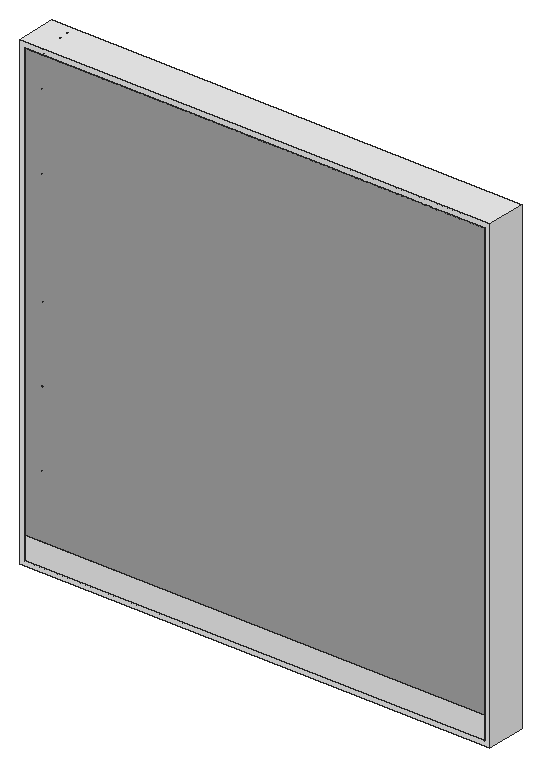
Revit family
Parameters (values of type "Louver_Drnable_EFD-437_All-Lite")
  URL = "http://www.alllite-louvers.com"
  Specifications = "http://www.alllite-louvers.com/catalog/AEFD-437-csi-specification.doc"
  Spacing = 0.333 ft
  SmartBIM Object Version = 3  # constant formula
  SmartBIM Object Created By = "Reed Construction Data"  # constant formula
  Shim Thickness = 0.042 ft
  Screen Width = Width - (2 * Shim Thickness)  # 3.916 ft
  Screen Height = Height - (0.197917 ft + 0.083333 ft)  # 3.71875 ft
  Screen = Aluminum
  Rough Width = 0.0 ft
  Rough Height = 0.0 ft
  Product URL = "http://www.alllite-louvers.com/catalog.php?model=EFD-437"
  Pressure Loss (in.wg.) = "0.13"  # constant formula
  OmniClass Title = "Exterior Louvers and Grilles"  # constant formula
  OmniClass Code = "23-60 11 17"  # constant formula
  Model Number = "EFD-437"  # constant formula
  Model = ""
  Minimum Size = "4.5\" x 7\""
  Maximum Size - Single Section = "60\" x 120\" or 120\" x 60\""
  Maximum Size - Multiple Section = "Unlimited"
  Manufacturer = "All-Lite"  # constant formula
  Louver Width = Width - (2 * Shim Thickness + 0.166667 ft) - 2 * 0.001953 ft  # 3.745427 ft
  Louver = Mill finish, 6063-T5 Extruded Aluminum
  Installation = "http://www.alllite-louvers.com/catalog/Installation.pdf"
  Height = 4.0 ft
  Free Area for 48”x48” Louver = "58.1%"
  Free Area Velocity (fpm) = "903"  # constant formula
  Free Area (ft²) for 48"x48" Louver = 9.3 ft
  Frame = Mill finish, 6063-T5 Extruded Aluminum
  Default Sill Height = 3.0 ft
  Wall Closure = (empty or 0)
  Width = 4.0 ft
  Cut Sheet = "http://www.alllite-louvers.com/catalog/AEFD437.pdf"
  Assembly Code = "B2010300"
  Air Volume Delivered (cfm) = "8398"  # constant formula
  95 CSI = "10200 "  # constant formula
  04 CSI = "08 91 00"  # constant formula
  # of Louvers = (Height - 0.25 ft) / (Spacing)  # 11
Reference planes (ft)
  plane 1 "Center (Front/Back)": y = 0
  plane 2: z = 0
  plane 3 "Center (Left/Right)": x = 0
  plane 4 "Left": x = -2
  plane 5 "Right": x = 2
  plane 6 "Sill": z = 3
  plane 7 "Top": z = 7
  plane 8: x = -1.958
  plane 9: x = 1.958
  plane 10: z = 6.958
  plane 11: z = 3.042
  plane 12: z = 5
  plane 13: z = 3.125333
  plane 14: z = 3.167
  plane 15: z = 6.874667
  plane 16: z = 6.833
  plane 17: z = 3.595664
  plane 18: z = 6.509266
  plane 19: z = 6.185533
  plane 20: z = 5.861799
  plane 21: z = 5.538066
  plane 22: z = 5.214332
  plane 23: z = 4.890599
  plane 24: z = 4.566865
  plane 25: z = 4.243132
  plane 26: z = 3.919398
  plane 27: y = 0.326705
  plane 28: y = 0.012731
Forms (ft)
  Sweep 1, solid, material "Mill finish, 6063-T5 Extruded Aluminum" <- "Frame"
    path origin (-5, 0.333333, 0) x (-1, 0, 0) y (0, 0, 1)
      loop
        line (-6.872714, 6.958) -> (-3.127286, 6.958)
    profile "Horizontal Mullion Head : Horizontal Mullion Head" origin (0, 0.333333, 6.958) x (0, 0, 1) y (0, 1, 0)
      loop
        line (0, 0) -> (-0.080537, 0)
        arc (-0.080537, 0) -> (-0.083121, -0.000514) -> (-0.08531, -0.001977) r 0.00675
        line (-0.08531, -0.001977) -> (-0.142259, -0.058926) -> (-0.137486, -0.063699) -> (-0.081526, -0.007739)
        arc (-0.081526, -0.007739) -> (-0.080431, -0.007007) -> (-0.079139, -0.00675) r 0.003375
        line (-0.079139, -0.00675) -> (-0.010125, -0.00675)
        arc (-0.010125, -0.00675) -> (-0.007739, -0.007739) -> (-0.00675, -0.010125) r 0.003375
        line (-0.00675, -0.010125) -> (-0.00675, -0.064875)
        arc (-0.00675, -0.064875) -> (-0.007739, -0.067261) -> (-0.010125, -0.06825) r 0.003375
        line (-0.010125, -0.06825) -> (-0.027583, -0.06825) -> (-0.027583, -0.075) -> (-0.227625, -0.075) -> (-0.227625, -0.00675) -> (-0.151042, -0.00675) -> (-0.151042, 0) -> (-0.234375, 0) -> (-0.234375, -0.08175) -> (-0.126505, -0.08175)
        arc (-0.126505, -0.08175) -> (-0.124118, -0.082739) -> (-0.12313, -0.085125) r 0.003375
        line (-0.12313, -0.085125) -> (-0.12313, -0.097504)
        arc (-0.12313, -0.097504) -> (-0.123689, -0.099365) -> (-0.125181, -0.100609) r 0.003375
        arc (-0.125181, -0.100609) -> (-0.133361, -0.110837) -> (-0.129344, -0.123303) r 0.013833
        arc (-0.129344, -0.123303) -> (-0.125683, -0.123976) -> (-0.12363, -0.120871) r 0.003375
        arc (-0.12363, -0.120871) -> (-0.123899, -0.119549) -> (-0.124665, -0.118438) r 0.003375
        arc (-0.124665, -0.118438) -> (-0.119755, -0.10625) -> (-0.114844, -0.118438) r 0.007083
        arc (-0.114844, -0.118438) -> (-0.11561, -0.119549) -> (-0.11588, -0.120871) r 0.003375
        arc (-0.11588, -0.120871) -> (-0.113827, -0.123976) -> (-0.110165, -0.123303) r 0.003375
        arc (-0.110165, -0.123303) -> (-0.106149, -0.110837) -> (-0.114329, -0.100609) r 0.013833
        arc (-0.114329, -0.100609) -> (-0.115821, -0.099365) -> (-0.11638, -0.097504) r 0.003375
        line (-0.11638, -0.097504) -> (-0.11638, -0.085125)
        arc (-0.11638, -0.085125) -> (-0.115391, -0.082739) -> (-0.113005, -0.08175) r 0.003375
        line (-0.113005, -0.08175) -> (-0.06925, -0.08175) -> (-0.06925, -0.0885) -> (-0.046442, -0.0885)
        arc (-0.046442, -0.0885) -> (-0.044055, -0.089489) -> (-0.043067, -0.091875) r 0.003375
        line (-0.043067, -0.091875) -> (-0.043067, -0.097504)
        arc (-0.043067, -0.097504) -> (-0.043626, -0.099365) -> (-0.045118, -0.100609) r 0.003375
        arc (-0.045118, -0.100609) -> (-0.053298, -0.110837) -> (-0.049281, -0.123303) r 0.013833
        arc (-0.049281, -0.123303) -> (-0.04562, -0.123976) -> (-0.043567, -0.120871) r 0.003375
        arc (-0.043567, -0.120871) -> (-0.043836, -0.119549) -> (-0.044602, -0.118438) r 0.003375
        arc (-0.044602, -0.118438) -> (-0.039692, -0.10625) -> (-0.034781, -0.118438) r 0.007083
        arc (-0.034781, -0.118438) -> (-0.035547, -0.119549) -> (-0.035817, -0.120871) r 0.003375
        arc (-0.035817, -0.120871) -> (-0.033763, -0.123976) -> (-0.030102, -0.123303) r 0.003375
        arc (-0.030102, -0.123303) -> (-0.026085, -0.110837) -> (-0.034266, -0.100609) r 0.013833
        arc (-0.034266, -0.100609) -> (-0.035758, -0.099365) -> (-0.036317, -0.097504) r 0.003375
        line (-0.036317, -0.097504) -> (-0.036317, -0.091875)
        arc (-0.036317, -0.091875) -> (-0.035328, -0.089489) -> (-0.032942, -0.0885) r 0.003375
        line (-0.032942, -0.0885) -> (-0.010125, -0.0885)
        arc (-0.010125, -0.0885) -> (-0.007739, -0.089489) -> (-0.00675, -0.091875) r 0.003375
        line (-0.00675, -0.091875) -> (-0.00675, -0.2678)
        arc (-0.00675, -0.2678) -> (-0.007739, -0.270187) -> (-0.010125, -0.271175) r 0.003375
        line (-0.010125, -0.271175) -> (-0.023858, -0.271175)
        arc (-0.023858, -0.271175) -> (-0.025719, -0.270616) -> (-0.026963, -0.269124) r 0.003375
        arc (-0.026963, -0.269124) -> (-0.037191, -0.260944) -> (-0.049657, -0.26496) r 0.013833
        arc (-0.049657, -0.26496) -> (-0.05033, -0.268622) -> (-0.047225, -0.270675) r 0.003375
        arc (-0.047225, -0.270675) -> (-0.045903, -0.270406) -> (-0.044793, -0.26964) r 0.003375
        arc (-0.044793, -0.26964) -> (-0.032604, -0.27455) -> (-0.044793, -0.27946) r 0.007083
        arc (-0.044793, -0.27946) -> (-0.045903, -0.278695) -> (-0.047225, -0.278425) r 0.003375
        arc (-0.047225, -0.278425) -> (-0.05033, -0.280478) -> (-0.049657, -0.28414) r 0.003375
        arc (-0.049657, -0.28414) -> (-0.037191, -0.288156) -> (-0.026963, -0.279976) r 0.013833
        arc (-0.026963, -0.279976) -> (-0.025719, -0.278484) -> (-0.023858, -0.277925) r 0.003375
        line (-0.023858, -0.277925) -> (-0.010125, -0.277925)
        arc (-0.010125, -0.277925) -> (-0.007739, -0.278914) -> (-0.00675, -0.2813) r 0.003375
        line (-0.00675, -0.2813) -> (-0.00675, -0.315708)
        arc (-0.00675, -0.315708) -> (-0.007739, -0.318095) -> (-0.010125, -0.319083) r 0.003375
        line (-0.010125, -0.319083) -> (-0.0625, -0.319083) -> (-0.0625, -0.325833) -> (0, -0.325833) -> (0, 0)
  Sweep 2, solid, material "Mill finish, 6063-T5 Extruded Aluminum" <- "Frame"
    path origin (-5, 0.333333, 0) x (-1, 0, 0) y (0, 0, 1)
      loop
        line (-6.958, 3.042) -> (-3.042, 3.042)
    profile "Horizontal Mullion : Horizontal Mullion" origin (0, 0.333333, 3.042) x (0, 0, 1) y (0, 1, 0)
      loop
        line (0, 0) -> (0, -0.041545) -> (0.00675, -0.041545) -> (0.00675, -0.006628) -> (0.076583, -0.006628) -> (0.076583, -0.333211) -> (0.00675, -0.333211) -> (0.00675, -0.298295) -> (0, -0.298295) -> (0, -0.339961) -> (0.197917, -0.339961) -> (0.197917, -0.333211) -> (0.083333, -0.333211) -> (0.083333, 0) -> (0, 0)
  Sweep 3, solid, material "Mill finish, 6063-T5 Extruded Aluminum" <- "Frame"
    path origin (-5, 0.333333, 0) x (-1, 0, 0) y (0, 0, 1)
      loop
        line (-6.958, 3.125333) -> (-6.958, 6.958)
    profile "Vertical Mullion : Vertical Mullion" origin (1.958, 0.333333, 5.041667) x (1, 0, 0) y (0, 1, 0)
      loop
        line (0, 0) -> (-0.085286, 0) -> (-0.085286, -0.320602) -> (-0.186849, -0.320602) -> (-0.186849, -0.333211) -> (0, -0.333211) -> (0, -0.291545) -> (-0.013911, -0.291545) -> (-0.013911, -0.320602) -> (-0.071375, -0.320602) -> (-0.071375, -0.013138) -> (-0.014562, -0.013138) -> (-0.014562, -0.042196) -> (0, -0.042196) -> (0, 0)
  Sweep 4, solid, material "Mill finish, 6063-T5 Extruded Aluminum" <- "Frame"
    path origin (5, 0.333333, 0) x (1, 0, 0) y (0, 0, -1)
      loop
        line (-6.958, -3.125333) -> (-6.958, -6.958)
    profile "Vertical Mullion : Vertical Mullion" origin (-1.958, 0.333333, 5.041667) x (1, 0, 0) y (0, 1, 0)
      loop
        line (0, 0) -> (0, -0.042196) -> (0.014562, -0.042196) -> (0.014562, -0.013138) -> (0.071375, -0.013138) -> (0.071375, -0.320602) -> (0.013911, -0.320602) -> (0.013911, -0.291545) -> (0, -0.291545) -> (0, -0.333211) -> (0.186849, -0.333211) -> (0.186849, -0.320602) -> (0.085286, -0.320602) -> (0.085286, 0) -> (0, 0)
  Sweep 5, solid, material "Mill finish, 6063-T5 Extruded Aluminum" <- "Frame"
    path origin (-5, 0.333333, 0) x (-1, 0, 0) y (0, 0, 1)
      loop
        line (-3, 7) -> (-7, 7) -> (-7, 3) -> (-3, 3) -> (-3, 7)
    profile origin (-2, 0.333333, 5) x (0, 1, 0) y (-1, 0, 0)
      loop
        line (0, 0) -> (-0.339961, 0) -> (-0.339961, -0.042) -> (0, -0.042) -> (0, 0)
  Extrusion 6, solid, material "Aluminum" <- "Screen"
    sketch origin (-5, 0.333333, 0) x (-1, 0, 0) y (0, 0, 1)
      loop
        line (-3.042, 6.958) -> (-6.958, 6.958) -> (-6.958, 3.239917) -> (-3.042, 3.239917) -> (-3.042, 6.958)
    from -0.339961 to -0.333211
Cuts and joins
  joined: Sweep 2, Sweep 3
Lines and regions (ft)
  Opening 1
    outline origin (-5, -0.333333, 0) x (1, 0, 0) y (0, 0, 1)
      loop
        line (3, 7) -> (3, 3) -> (7, 3) -> (7, 7) -> (3, 7)
  Masking region 1, detail levels coarse+medium
    outline origin (0, 0, 0) x (1, 0, 0) y (0, 1, 0)
      loop
        line (-2, -0.006628) -> (-1.872714, -0.006628) -> (-1.872714, 0.333333) -> (-2, 0.333333) -> (-2, -0.006628)
  Masking region 2, detail levels fine
    outline origin (0, 0, 0) x (1, 0, 0) y (0, 1, 0)
      loop
        line (-1.958, 0.291138) -> (-1.943438, 0.291138) -> (-1.943438, 0.320195) -> (-1.886625, 0.320195) -> (-1.886625, 0.012731) -> (-1.944089, 0.012731) -> (-1.944089, 0.041789) -> (-1.958, 0.041789) -> (-1.958, 0.000122) -> (-1.771151, 0.000122) -> (-1.771151, 0.012731) -> (-1.872714, 0.012731) -> (-1.872714, 0.333333) -> (-1.958, 0.333333) -> (-1.958, 0.291138)
  Masking region 3, detail levels fine
    outline origin (0, 0, 0) x (1, 0, 0) y (0, 1, 0)
      loop
        line (1.771151, 0.012732) -> (1.771151, 0.000122) -> (1.958, 0.000122) -> (1.958, 0.041789) -> (1.944089, 0.041789) -> (1.944089, 0.012731) -> (1.886625, 0.012731) -> (1.886625, 0.320195) -> (1.943437, 0.320195) -> (1.943437, 0.291138) -> (1.958, 0.291138) -> (1.958, 0.333333) -> (1.872714, 0.333333) -> (1.872714, 0.012732) -> (1.771151, 0.012732)
  Masking region 4, detail levels coarse+medium
    outline origin (0, 0, 0) x (1, 0, 0) y (0, 1, 0)
      loop
        line (2, -0.006628) -> (2, 0.333333) -> (1.872714, 0.333333) -> (1.872714, -0.006628) -> (2, -0.006628)
Text (ft)
  text "EXTERIOR" at (-4.890733, 4.242245, 0), in view "Ref. Level"
  text "INTERIOR" at (-4.890733, -3.147199, 0), in view "Ref. Level"
  text "Exterior" at (0, 3.638026, 10.266337), in view "Left"
  text "Exterior" at (0, 1.524487, 10.420622), in view "Right"
Dimensions and locks (ft)
  equal spacing: plane 4 "Left", plane 3 "Center (Left/Right)", plane 5 "Right"
  "Width": plane 4 "Left" to plane 5 "Right"
  "Height": plane 6 "Sill" to plane 7 "Top"
  "Default Sill Height": plane 2 to plane 6 "Sill"
  "Shim Thickness": plane 4 "Left" to plane 8
  "Shim Thickness": plane 9 to plane 5 "Right"
  "Shim Thickness": plane 10 to plane 7 "Top"
  "Shim Thickness": plane 6 "Sill" to plane 11
  equal spacing: plane 11, plane 12, plane 10
  locked: plane 13 to plane 11 at 0.083333
  locked: plane 14 to plane 13 at 0.041667
  locked: plane 10 to plane 15 at 0.083333
  locked: plane 15 to plane 16 at 0.041667
  Extrusion 6 to plane 6 "Sill" = 0.239917 ft
  nested 1 to Sweep 1 = 0.25 ft
  locked: nested 1 to Sweep 1 at 0.25
  equal spacing: group 1, group 3, group 4, group 5, group 6, group 7, group 8, group 9, group 10, group 11, group 2  (x2)
  equal spacing: group 2, group 11, group 10, group 9, group 8, group 7, group 6, group 5, group 4, group 3, group 1
  locked: host wall to plane 28 at 0.320602
  aligned and locked: plane 7 "Top" to Opening 1 sketch curve
  aligned and locked: plane 6 "Sill" to Opening 1 sketch curve  (x2)
  aligned and locked: plane 5 "Right" to Opening 1 sketch curve
  aligned and locked: plane 4 "Left" to Opening 1 sketch curve
  aligned and locked: plane 10 to Sweep 1 sketch curve
  aligned and locked: Sweep 2 sketch curve to plane 11
  aligned and locked: plane 9 to Sweep 2 sketch curve
  aligned and locked: plane 8 to Sweep 2 sketch curve
  aligned and locked: plane 9 to Sweep 3 sketch curve
  aligned and locked: Sweep 4 sketch curve to plane 8
  aligned and locked: cut or joined group of Sweep 2, Sweep 3 to Sweep 3 sketch curve
  aligned and locked: Sweep 4 sketch curve to cut or joined group of Sweep 2, Sweep 3
  aligned and locked: Sweep 5 sketch curve to plane 4 "Left"
  aligned and locked: Sweep 5 sketch curve to plane 7 "Top"
  aligned and locked: Sweep 5 sketch curve to plane 6 "Sill"
  aligned and locked: Sweep 5 sketch curve to plane 5 "Right"
  aligned and locked: Sweep 5 sketch curve to host wall  (x2)
  aligned and locked: plane 8 to Sweep 5 sketch curve
  aligned and locked: cut or joined group of Sweep 2, Sweep 3 to Sweep 5 sketch curve
  aligned and locked: Extrusion 6 to cut or joined group of Sweep 2, Sweep 3
  aligned and locked: Sweep 5 to Extrusion 6 sketch curve  (x2)
  aligned and locked: plane 10 to Sweep 4 sketch curve
  aligned and locked: plane 10 to Sweep 3 sketch curve
  aligned and locked: cut or joined group of Sweep 2, Sweep 3 to Sweep 1 sketch curve
  aligned and locked: Sweep 1 sketch curve to Sweep 4
  aligned and locked: plane 10 to Extrusion 6
  aligned and locked: Extrusion 6 sketch curve to cut or joined group of Sweep 2, Sweep 3
  aligned and locked: Extrusion 6 sketch curve to Sweep 5
  aligned and locked: plane 14 to nested 2
  aligned and locked: plane 3 "Center (Left/Right)" to nested 1
  aligned and locked: Extrusion 6 to Sweep 4
  aligned and locked: Sweep 5 to Extrusion 6
  aligned and locked: nested 2 to cut or joined group of Sweep 2, Sweep 3
  aligned and locked: level to plane 2
  aligned and locked: Masking region 1 sketch curve to plane 4 "Left"
  aligned and locked: Sweep 5 to Masking region 1 sketch curve
  aligned and locked: Masking region 1 sketch curve to Sweep 4
  aligned and locked: Masking region 1 sketch curve to Sweep 5
  aligned and locked: Masking region 2 sketch curve to Sweep 4  (x14)
  aligned and locked: Masking region 3 sketch curve to cut or joined group of Sweep 2, Sweep 3  (x8)
  aligned and locked: nested 2 to Masking region 3 sketch curve
  aligned and locked: cut or joined group of Sweep 2, Sweep 3 to Masking region 3 sketch curve
  aligned and locked: nested 10 to Masking region 3 sketch curve
  aligned and locked: plane 9 to Masking region 3 sketch curve  (x2)
  aligned and locked: Sweep 5 to Masking region 3 sketch curve
  aligned and locked: Masking region 4 sketch curve to plane 5 "Right"
  aligned and locked: nested 10 to Masking region 4 sketch curve
  aligned and locked: host wall to Masking region 4 sketch curve
  aligned and locked: Extrusion 6 to Masking region 4 sketch curve
  aligned and locked: nested 1 to plane 28
Nested families (ft)
  nested 1: "Louver Single" at (0, 0.166464, 6.367369), type "Louver"
    with Louver Length 3.745427 ft
  nested 2: "Louver Single" at (0, 0.166464, 3.130034), type "Louver"
    with Louver Length 3.745427 ft
  nested 3: "Louver Single" at (0, 0.166464, 6.043636), type "Louver"
    with Louver Length 3.745427 ft
  nested 4: "Louver Single" at (0, 0.166464, 5.719902), type "Louver"
    with Louver Length 3.745427 ft
  nested 5: "Louver Single" at (0, 0.166464, 5.396168), type "Louver"
    with Louver Length 3.745427 ft
  nested 6: "Louver Single" at (0, 0.166464, 5.072435), type "Louver"
    with Louver Length 3.745427 ft
  nested 7: "Louver Single" at (0, 0.166464, 4.748701), type "Louver"
    with Louver Length 3.745427 ft
  nested 8: "Louver Single" at (0, 0.166464, 4.424968), type "Louver"
    with Louver Length 3.745427 ft
  nested 9: "Louver Single" at (0, 0.166464, 4.101234), type "Louver"
    with Louver Length 3.745427 ft
  nested 10: "Louver Single" at (0, 0.166464, 3.777501), type "Louver"
    with Louver Length 3.745427 ft
  nested 11: "Louver Single" at (0, 0.166464, 3.453767), type "Louver"
    with Louver Length 3.745427 ft
Connectors (ft)
  hvac at (0, -0.006628, 5.098958), driven by "Screen Width", driven by "Screen Height"
    settings: on Extrusion 6, index 1
Definition of nested family "Louver Single"
  Parameters (values of type "Louver")
    sdad = 0.333333 ft
    sas = 0.388 ft
    Louver Length = 5.746094 ft
    Louver Single = yes
    Louver = none
    Assembly Code = ""
  Reference planes (ft)
    plane 1 "Center (Front/Back)": y = -0.085938
    plane 2: z = 0
    plane 3 "Center (Left/Right)": x = 0
    plane 4: x = -2.873047
    plane 5: x = 2.873047
    plane 6: z = 0.194
    plane 7: y = 0.080729
    plane 8: y = -0.252604
    plane 9: y = 0.073979
    plane 10: y = -0.245854
    plane 11: z = 0.372811
    plane 12: z = 0.106256
    plane 13: z = 0.036966
  Forms (ft)
    Extrusion 1, solid, material <- "Louver"
      sketch origin (0, -1.484446, -1.725843) x (0, 1, 0) y (0, 0, 1)
        loop
          line (1.637982, 1.824628) -> (1.637982, 1.777311) -> (1.590274, 1.817343)
          arc (1.590274, 1.817343) -> (1.588155, 1.818455) -> (1.587307, 1.820693) r 0.003375
          line (1.587307, 1.820693) -> (1.587307, 1.84809)
          arc (1.587307, 1.84809) -> (1.586669, 1.850955) -> (1.584875, 1.853278) r 0.00675
          line (1.584875, 1.853278) -> (1.385807, 2.018994) -> (1.33763, 2.042522) -> (1.33763, 2.095196)
          arc (1.33763, 2.095196) -> (1.334172, 2.098655) -> (1.330713, 2.095196) r 0.003458
          line (1.330713, 2.095196) -> (1.330713, 2.040102) -> (1.363666, 2.024009)
          arc (1.363666, 2.024009) -> (1.365887, 2.021211) -> (1.365106, 2.017725) r 0.004145
          arc (1.365106, 2.017725) -> (1.362409, 2.012079) -> (1.362374, 2.005823) r 0.014332
          arc (1.362374, 2.005823) -> (1.366169, 2.003008) -> (1.368892, 2.006868) r 0.003302
          arc (1.368892, 2.006868) -> (1.380812, 2.013843) -> (1.375678, 2.001022) r 0.007299
          arc (1.375678, 2.001022) -> (1.370856, 1.996688) -> (1.375218, 1.991891) r 0.004572
          arc (1.375218, 1.991891) -> (1.384378, 1.99414) -> (1.390785, 2.001061) r 0.016406
          arc (1.390785, 2.001061) -> (1.393136, 2.002939) -> (1.396061, 2.00223) r 0.003417
          line (1.396061, 2.00223) -> (1.526833, 1.893427)
          arc (1.526833, 1.893427) -> (1.528061, 1.890664) -> (1.526616, 1.888008) r 0.003417
          arc (1.526616, 1.888008) -> (1.521709, 1.881957) -> (1.521018, 1.874198) r 0.013341
          arc (1.521018, 1.874198) -> (1.524953, 1.871423) -> (1.527657, 1.875407) r 0.003375
          arc (1.527657, 1.875407) -> (1.538306, 1.882005) -> (1.533691, 1.870359) r 0.006597
          arc (1.533691, 1.870359) -> (1.530032, 1.867175) -> (1.53324, 1.863536) r 0.003419
          arc (1.53324, 1.863536) -> (1.540857, 1.865349) -> (1.54617, 1.871101) r 0.013435
          arc (1.54617, 1.871101) -> (1.548519, 1.873006) -> (1.551459, 1.8723) r 0.003417
          line (1.551459, 1.8723) -> (1.579325, 1.849115)
          arc (1.579325, 1.849115) -> (1.580234, 1.847939) -> (1.580557, 1.846489) r 0.003417
          line (1.580557, 1.846489) -> (1.580557, 1.819119)
          arc (1.580557, 1.819119) -> (1.581183, 1.815916) -> (1.582968, 1.813184) r 0.008512
          line (1.582968, 1.813184) -> (1.644687, 1.76281) -> (1.644687, 1.827932)
          arc (1.644687, 1.827932) -> (1.638678, 1.83167) -> (1.637982, 1.824628) r 0.004167
      from -2.873047 to 2.873047
  Dimensions and locks (ft)
    equal spacing: plane 4, plane 3 "Center (Left/Right)", plane 5
    "Louver Length": plane 4 to plane 5
    level to plane 6 = 0.194 ft
    equal spacing: plane 7, plane 1 "Center (Front/Back)", plane 8
    "sdad": plane 7 to plane 8
    aligned and locked: Extrusion 1 to plane 4
    aligned and locked: plane 5 to Extrusion 1
  Automatic sketch dimensions
    Extrusion 1 sketch curve to Extrusion 1 sketch curve = 0.0 ft  (x8)
    Extrusion 1 sketch curve to plane 13 = 0.0 ft
    plane 1 "Center (Front/Back)" to Extrusion 1 sketch curve = 0.067795 ft
    Extrusion 1 sketch curve to Extrusion 1 sketch curve = 0.003458 ft
    Extrusion 1 sketch curve to Extrusion 1 sketch curve = 0.024217 ft
    Extrusion 1 sketch curve to Extrusion 1 sketch curve = 0.000527 ft
    Extrusion 1 sketch curve to Extrusion 1 sketch curve = 0.001819 ft
    Extrusion 1 sketch curve to Extrusion 1 sketch curve = 0.00326 ft
    Extrusion 1 sketch curve to Extrusion 1 sketch curve = 0.003272 ft
    Extrusion 1 sketch curve to Extrusion 1 sketch curve = 0.003247 ft
    Extrusion 1 sketch curve to Extrusion 1 sketch curve = 0.006325 ft
    Extrusion 1 sketch curve to Extrusion 1 sketch curve = 0.000204 ft  (x2)
    Extrusion 1 sketch curve to Extrusion 1 sketch curve = 0.000257 ft
    Extrusion 1 sketch curve to Extrusion 1 sketch curve = 0.000369 ft
    Extrusion 1 sketch curve to Extrusion 1 sketch curve = 0.000003 ft
    Extrusion 1 sketch curve to Extrusion 1 sketch curve = 0.00033 ft
    plane 1 "Center (Front/Back)" to Extrusion 1 sketch curve = 0.012702 ft
    plane 1 "Center (Front/Back)" to Extrusion 1 sketch curve = 0.007723 ft
    Extrusion 1 sketch curve to Extrusion 1 sketch curve = 0.00309 ft
    plane 1 "Center (Front/Back)" to Extrusion 1 sketch curve = 0.002447 ft
    plane 9 to Extrusion 1 sketch curve = 0.037408 ft
    Extrusion 1 sketch curve to Extrusion 1 sketch curve = 0.003331 ft
    Extrusion 1 sketch curve to Extrusion 1 sketch curve = 0.000299 ft
    Extrusion 1 sketch curve to Extrusion 1 sketch curve = 0.001968 ft
    Extrusion 1 sketch curve to Extrusion 1 sketch curve = 0.002185 ft  (x3)
    Extrusion 1 sketch curve to Extrusion 1 sketch curve = 0.003309 ft
    Extrusion 1 sketch curve to Extrusion 1 sketch curve = 0.005582 ft
    Extrusion 1 sketch curve to Extrusion 1 sketch curve = 0.000248 ft
    Extrusion 1 sketch curve to Extrusion 1 sketch curve = 0.000381 ft
    plane 9 to Extrusion 1 sketch curve = 0.012255 ft
    Extrusion 1 sketch curve to Extrusion 1 sketch curve = 0.003104 ft
    Extrusion 1 sketch curve to plane 7 = 0.011965 ft
    Extrusion 1 sketch curve to Extrusion 1 sketch curve = 0.001231 ft
    Extrusion 1 sketch curve to Extrusion 1 sketch curve = 0.002411 ft
    Extrusion 1 sketch curve to Extrusion 1 sketch curve = 0.004319 ft
    Extrusion 1 sketch curve to Extrusion 1 sketch curve = 0.00675 ft
    Extrusion 1 sketch curve to Extrusion 1 sketch curve = 0.001762 ft
    Extrusion 1 sketch curve to Extrusion 1 sketch curve = 0.001206 ft
    Extrusion 1 sketch curve to Extrusion 1 sketch curve = 0.001613 ft
    plane 12 to Extrusion 1 sketch curve = 0.007471 ft
    Extrusion 1 sketch curve to Extrusion 1 sketch curve = 0.047301 ft
    Extrusion 1 sketch curve to Extrusion 1 sketch curve = 0.002538 ft
    Extrusion 1 sketch curve to Extrusion 1 sketch curve = 0.004167 ft
    plane 13 to Extrusion 1 sketch curve = 0.014501 ft
    plane 12 to Extrusion 1 sketch curve = 0.018916 ft
    Extrusion 1 sketch curve to Extrusion 1 sketch curve = 0.001776 ft
    Extrusion 1 sketch curve to plane 12 = 0.014389 ft
    Extrusion 1 sketch curve to Extrusion 1 sketch curve = 0.001602 ft
    Extrusion 1 sketch curve to plane 12 = 0.031437 ft
    Extrusion 1 sketch curve to Extrusion 1 sketch curve = 0.003413 ft
    Extrusion 1 sketch curve to Extrusion 1 sketch curve = 0.000686 ft
    Extrusion 1 sketch curve to Extrusion 1 sketch curve = 0.001428 ft
    Extrusion 1 sketch curve to Extrusion 1 sketch curve = 0.001209 ft
    Extrusion 1 sketch curve to Extrusion 1 sketch curve = 0.002793 ft
    plane 6 to Extrusion 1 sketch curve = 0.072047 ft
    Extrusion 1 sketch curve to Extrusion 1 sketch curve = 0.004567 ft
    Extrusion 1 sketch curve to Extrusion 1 sketch curve = 0.001419 ft
    Extrusion 1 sketch curve to Extrusion 1 sketch curve = 0.001457 ft
    Extrusion 1 sketch curve to Extrusion 1 sketch curve = 0.002453 ft
    Extrusion 1 sketch curve to Extrusion 1 sketch curve = 0.000445 ft
    Extrusion 1 sketch curve to Extrusion 1 sketch curve = 0.00056 ft
    Extrusion 1 sketch curve to Extrusion 1 sketch curve = 0.010122 ft
    Extrusion 1 sketch curve to Extrusion 1 sketch curve = 0.016093 ft
    Extrusion 1 sketch curve to Extrusion 1 sketch curve = 0.00242 ft
    plane 11 to Extrusion 1 sketch curve = 0.003458 ft
